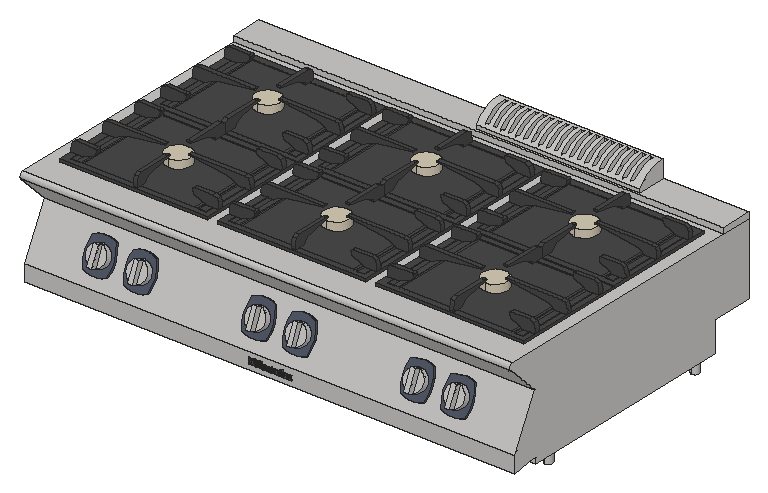
Revit family "QF_ELECTROLUXPROFESSIONAL_371170_E7GCGL6C0A", category Specialty Equipment, Revit 2018 (continued)
Automatic sketch dimensions
  plane 1 "BACK" to curve 41 = 6.761 mm
  plane 1 "BACK" to curve 51 = 6.761 mm
  plane 1 "BACK" to curve 37 = 6.761 mm
  plane 1 "BACK" to curve 55 = 6.761 mm
  plane 1 "BACK" to curve 33 = 6.761 mm
  plane 1 "BACK" to curve 59 = 6.761 mm
  plane 1 "BACK" to curve 29 = 6.761 mm
  plane 1 "BACK" to curve 63 = 6.761 mm
  plane 1 "BACK" to curve 25 = 6.761 mm
  plane 1 "BACK" to curve 67 = 6.761 mm
  plane 1 "BACK" to curve 21 = 6.761 mm
  plane 1 "BACK" to curve 71 = 6.761 mm
  plane 1 "BACK" to curve 17 = 6.761 mm
  plane 1 "BACK" to curve 75 = 6.761 mm
  plane 1 "BACK" to curve 13 = 6.761 mm
  plane 1 "BACK" to curve 79 = 6.761 mm
  plane 1 "BACK" to curve 89 = 6.761 mm
  plane 1 "BACK" to curve 83 = 6.761 mm
  curve 9 to plane 1 "BACK" = 150 mm
  Extrusion 1 to Extrusion 4 sketch curve = 100 mm
  plane 5 "FRONT" to curve 1 = 0.129 mm
  radius of Extrusion 4 sketch curve = 6.35 mm
  radius of Extrusion 7 sketch curve = 25.4 mm
  radius of Extrusion 8 sketch curve to Extrusion 7 = 0 mm  (x2)
  radius of Extrusion 10 sketch curve = 25.4 mm
  radius of Extrusion 11 sketch curve to Extrusion 10 = 0 mm  (x2)
  radius of Extrusion 14 sketch curve = 25.4 mm
  radius of Extrusion 15 sketch curve to Extrusion 14 = 0 mm  (x2)
  radius of Extrusion 17 sketch curve = 25.4 mm
  radius of Extrusion 18 sketch curve to Extrusion 17 = 0 mm  (x2)
  radius of Extrusion 20 sketch curve = 25.4 mm
  radius of Extrusion 21 sketch curve to Extrusion 20 = 0 mm  (x2)
  radius of Extrusion 23 sketch curve = 25.4 mm
  radius of Extrusion 24 sketch curve to Extrusion 23 = 0 mm  (x2)
Nested families
  nested 1: "371009_BURNER" at (24.358, -6.2, -576.213), type "371009_BURNER"
    with Type Mark "", Status "", Specification by User "", Revision Code "", Item Number "", Installed By "", Identify Quantity as Lot yes, Furnished By "", Foodservice Equipment Identifier yes
  nested 2: "371009_BURNER" at (24.358, -740.327, -576.213), type "371009_BURNER"
    with Type Mark "", Status "", Specification by User "", Revision Code "", Item Number "", Installed By "", Identify Quantity as Lot yes, Furnished By "", Foodservice Equipment Identifier yes
  nested 3: "371009_BURNER" at (412.5, -6.2, -576.213), type "371009_BURNER"
    with Type Mark "", Status "", Specification by User "", Revision Code "", Item Number "", Installed By "", Identify Quantity as Lot yes, Furnished By "", Foodservice Equipment Identifier yes
  nested 4: "371009_BURNER" at (412.5, -740.327, -576.213), type "371009_BURNER"
    with Type Mark "", Status "", Specification by User "", Revision Code "", Item Number "", Installed By "", Identify Quantity as Lot yes, Furnished By "", Foodservice Equipment Identifier yes
  nested 5: "371009_BURNER" at (1175.642, -6.2, -576.213) x (-1, 0, 0) z (0, 0, 1), type "371009_BURNER"
    with Type Mark "", Status "", Specification by User "", Revision Code "", Item Number "", Installed By "", Identify Quantity as Lot yes, Furnished By "", Foodservice Equipment Identifier yes
  nested 6: "371009_BURNER" at (1175.642, -740.327, -576.213) x (-1, 0, 0) z (0, 0, 1), type "371009_BURNER"
    with Type Mark "", Status "", Specification by User "", Revision Code "", Item Number "", Installed By "", Identify Quantity as Lot yes, Furnished By "", Foodservice Equipment Identifier yes
Connectors
  piping at (1100, -76.2, 60.325), diameter 12.8
    settings: on Extrusion 4, index 1, connector inside diameter 0.50394", connector length 0 mm, flow factor 0, pipe flow 0 GPM, pressure drop 0.00 psi, fitting loss kfactor 0, connector angle 0.00°, fixture units 0, engagement length 0 mm, angle of deflection 0.00°, flow configuration 1, flow direction 1, fitting loss method 0, system type 7, joint type 0, gender type 0, connector reference index -1, connector utility 0, adjustable connector no, is connector primary yes, connector description "Gas Inlet"
Definition of nested family "371009_BURNER"
  Parameters
    Weight in Pounds = 0
    URL Cutsheet = ""
    URL = "www.electrolux.com"
    Type Mark [instance] = ""
    Status [instance] = ""
    Specification by User [instance] = ""
    Specification by Manufacturer = ""
    Serial Number = ""
    Seismic Rating = ""
    SMACNA No = ""
    Revision Code [instance] = ""
    Omniclass Number and Title = ""
    NAFEM Spec ID Number = ""
    Model = "371009"
    Masterspec = ""
    Manufacturer = "ELECTROLUX"
    Item Number [instance] = ""
    Installed By [instance] = ""
    Identify Quantity as Lot [instance] = yes
    Furnished By [instance] = ""
    Foodservice Equipment Identifier [instance] = yes
    Description = ""
    CSI MasterFormat = ""
    CSI Master Format = ""
  Reference planes
    plane 1 "BACK": y = 0
    plane 2: z = 0
    plane 3 "LEFT": x = 0
    plane 4 "RIGHT": x = 800
    plane 5 "FRONT": y = -700
    plane 6 "TOP": z = 908.85
    plane 7 "Center Y": x = 400
    plane 8 "Center X": y = -350
    plane 9 "Base": z = 150
    plane 10: z = 850.85
  Forms (mm)
    Extrusion 1, solid
      sketch origin (0, -734.127, 5) x (1, 0, 0) y (0, 0, -1)
        loop
          arc (7.142, -850.85) -> (6.739, -862.989) -> (9.761, -874.752) r 42.809
          line (9.761, -874.752) -> (19.961, -879.425) -> (157.339, -879.425)
          arc (157.339, -879.425) -> (158.533, -878.312) -> (157.506, -877.043) r 1.197
          line (157.506, -877.043) -> (64.848, -864.021)
          arc (64.848, -864.021) -> (50.111, -858.738) -> (36.589, -850.85) r 85.245
          line (36.589, -850.85) -> (7.142, -850.85)
        loop
          line (367.858, -850.85) -> (338.411, -850.85)
          arc (338.411, -850.85) -> (324.889, -858.738) -> (310.152, -864.021) r 85.245
          line (310.152, -864.021) -> (217.494, -877.043)
          arc (217.494, -877.043) -> (216.467, -878.312) -> (217.661, -879.425) r 1.197
          line (217.661, -879.425) -> (355.039, -879.425) -> (365.239, -874.752)
          arc (365.239, -874.752) -> (368.261, -862.989) -> (367.858, -850.85) r 42.809
      from 224.564 to 234.564
    Extrusion 2, solid
      sketch origin (0, -734.127, 5) x (1, 0, 0) y (0, 0, -1)
        loop
          arc (7.056, -850.85) -> (6.705, -862.948) -> (9.748, -874.663) r 42.876
          line (9.748, -874.663) -> (19.961, -879.425) -> (65.851, -879.425)
          arc (65.851, -879.425) -> (68.577, -878.352) -> (69.841, -875.709) r 4
          arc (69.841, -875.709) -> (68.75, -869.25) -> (64.816, -864.012) r 13.87
          arc (64.816, -864.012) -> (50.096, -858.731) -> (36.589, -850.85) r 85.245
          line (36.589, -850.85) -> (7.056, -850.85)
        loop
          line (367.944, -850.85) -> (338.411, -850.85)
          arc (338.411, -850.85) -> (324.904, -858.731) -> (310.184, -864.012) r 85.245
          arc (310.184, -864.012) -> (306.25, -869.25) -> (305.159, -875.709) r 13.87
          arc (305.159, -875.709) -> (306.423, -878.352) -> (309.149, -879.425) r 4
          line (309.149, -879.425) -> (355.039, -879.425) -> (365.252, -874.663)
          arc (365.252, -874.663) -> (368.295, -862.948) -> (367.944, -850.85) r 42.876
      from 127.064 to 137.064
    Extrusion 3, solid
      sketch origin (0, -275, 5) x (1, 0, 0) y (0, 0, 1)
        loop
          arc (64.816, 864.012) -> (68.75, 869.25) -> (69.841, 875.709) r 13.87
          arc (69.841, 875.709) -> (68.577, 878.352) -> (65.851, 879.425) r 4
          line (65.851, 879.425) -> (19.961, 879.425) -> (9.748, 874.663)
          arc (9.748, 874.663) -> (6.705, 862.948) -> (7.056, 850.85) r 42.876
          line (7.056, 850.85) -> (36.589, 850.85)
          arc (36.589, 850.85) -> (50.096, 858.731) -> (64.816, 864.012) r 85.245
        loop
          arc (310.184, 864.012) -> (324.904, 858.731) -> (338.411, 850.85) r 85.245
          line (338.411, 850.85) -> (367.944, 850.85)
          arc (367.944, 850.85) -> (368.295, 862.948) -> (365.252, 874.663) r 42.876
          line (365.252, 874.663) -> (355.039, 879.425) -> (309.149, 879.425)
          arc (309.149, 879.425) -> (306.423, 878.352) -> (305.159, 875.709) r 4
          arc (305.159, 875.709) -> (306.25, 869.25) -> (310.184, 864.012) r 13.87
      from 127.064 to 137.064
    Extrusion 4, solid
      sketch origin (454.964, -29.48, 5) x (0, -1, 0) y (0, 0, 1)
        loop
          arc (366.649, 850.85) -> (375.927, 861.743) -> (389.337, 866.736) r 28.426
          line (389.337, 866.736) -> (441.256, 877.043)
          arc (441.256, 877.043) -> (442.283, 878.312) -> (441.089, 879.425) r 1.197
          line (441.089, 879.425) -> (347.797, 879.425)
          arc (347.797, 879.425) -> (343.211, 875.934) -> (337.583, 874.694) r 13.39
          line (337.583, 874.694) -> (337.583, 850.85) -> (366.649, 850.85)
        loop
          arc (606.236, 850.85) -> (606.587, 862.948) -> (603.543, 874.663) r 42.876
          line (603.543, 874.663) -> (593.33, 879.425) -> (509.077, 879.425)
          arc (509.077, 879.425) -> (507.883, 878.312) -> (508.911, 877.043) r 1.197
          line (508.911, 877.043) -> (560.83, 866.736)
          arc (560.83, 866.736) -> (574.239, 861.743) -> (583.518, 850.85) r 28.426
          line (583.518, 850.85) -> (606.236, 850.85)
      from 262.464 to 272.464
    Extrusion 5, solid
      sketch origin (0, 0, 850.85) x (0, -1, 0) y (1, 0, 0)
        loop
          line (642.216, 6.433) -> (642.216, 368.567) -> (367.857, 368.567) -> (367.857, 6.433) -> (642.216, 6.433)
        loop
          line (382.857, 21.433) -> (627.216, 21.433) -> (627.216, 353.567) -> (382.857, 353.567) -> (382.857, 21.433)
      from 0 to 5
    Extrusion 6, solid
      sketch origin (-12.5, 0, 855.85) x (0, -1, 0) y (1, 0, 0)
        loop
          circle (504.356, 200) r 30
      from -1.321 to 17.134
    Extrusion 7, solid
      sketch origin (0, -734.127, 0) x (1, 0, 0) y (0, 0, -1)
        loop
          line (21.433, -855.85) -> (36.589, -855.85)
          arc (36.589, -855.85) -> (40.561, -855.243) -> (44.305, -853.783) r 18.259
          arc (44.305, -853.783) -> (45.997, -853.366) -> (47.69, -853.783) r 3.649
          arc (47.69, -853.783) -> (49.901, -854.522) -> (52.232, -854.529) r 7.328
          line (52.232, -854.529) -> (322.768, -854.529)
          arc (322.768, -854.529) -> (325.099, -854.522) -> (327.31, -853.783) r 7.328
          arc (327.31, -853.783) -> (329.003, -853.366) -> (330.695, -853.783) r 3.649
          arc (330.695, -853.783) -> (334.439, -855.243) -> (338.411, -855.85) r 18.259
          line (338.411, -855.85) -> (353.567, -855.85) -> (353.567, -850.85) -> (21.433, -850.85) -> (21.433, -855.85)
      from 106.911 to 351.27
  Lines and regions (mm)
    symbolic lines
      curve 1: line (6.433, -642.216, 150) -> (368.567, -642.216, 150)
      curve 2: line (6.433, -367.857, 150) -> (6.433, -642.216, 150)
      curve 3: line (368.567, -367.857, 150) -> (192.5, -367.857, 150)
      curve 4: line (368.567, -642.216, 150) -> (368.567, -367.857, 150)
      curve 5: line (353.567, -382.857, 150) -> (192.5, -382.857, 150)
      curve 6: line (353.567, -627.216, 150) -> (353.567, -607.064, 150)
      curve 7: line (21.433, -627.216, 150) -> (182.5, -627.216, 150)
      curve 8: line (21.433, -382.857, 150) -> (21.433, -402.064, 150)
      curve 9: line (52.232, -627.216, 150) -> (52.232, -607.064, 150)
      curve 10: line (322.567, -382.857, 150) -> (322.567, -402.064, 150)
      curve 11: line (148.125, -499.564, 150) -> (148.125, -382.857, 150)
      curve 12: line (154.375, -382.857, 150) -> (154.375, -499.564, 150)
      curve 13: arc (148.297, -509.564, 150) -> (159.191, -533.254, 150) -> (182.5, -544.942, 150) r 39.375
      curve 14: arc (220.42, -509.564, 150) -> (211.39, -528.832, 150) -> (192.5, -538.631, 150) r 33.125
      curve 15: line (220.625, -382.857, 150) -> (220.625, -499.564, 150)
      curve 16: line (226.875, -499.564, 150) -> (226.875, -382.857, 150)
      curve 17: line (192.5, -636.339, 150) -> (192.5, -535.619, 150)
      curve 18: arc (182.657, -474.75, 150) -> (166.195, -483.236, 150) -> (157.853, -499.771, 150) r 30
      curve 19: arc (192.224, -533.982, 150) -> (208.621, -525.661, 150) -> (217.084, -509.337, 150) r 30
      curve 20: line (368.567, -597.064, 150) -> (305.159, -597.064, 150)
      curve 21: line (6.433, -607.064, 150) -> (69.841, -607.064, 150)
      curve 22: line (6.433, -509.564, 150) -> (156.429, -509.564, 150)
      curve 23: line (368.567, -499.564, 150) -> (218.571, -499.564, 150)
      curve 24: line (6.433, -412.064, 150) -> (69.841, -412.064, 150)
      curve 25: line (368.567, -402.064, 150) -> (305.159, -402.064, 150)
      curve 26: line (69.841, -597.064, 150) -> (6.433, -597.064, 150)
      curve 27: line (305.159, -607.064, 150) -> (368.567, -607.064, 150)
      curve 28: line (69.841, -402.064, 150) -> (6.433, -402.064, 150)
      curve 29: line (305.159, -412.064, 150) -> (368.567, -412.064, 150)
      curve 30: arc (69.841, -597.064, 150) -> (74.841, -602.064, 150) -> (69.841, -607.064, 150) r 5
      curve 31: arc (305.159, -607.064, 150) -> (300.159, -602.064, 150) -> (305.159, -597.064, 150) r 5
      curve 32: arc (69.841, -402.064, 150) -> (74.841, -407.064, 150) -> (69.841, -412.064, 150) r 5
      curve 33: arc (305.159, -412.064, 150) -> (300.159, -407.064, 150) -> (305.159, -402.064, 150) r 5
      curve 34: line (21.433, -412.064, 150) -> (21.433, -499.564, 150)
      curve 35: line (52.232, -402.064, 150) -> (52.232, -382.857, 150)
      curve 36: line (21.433, -509.564, 150) -> (21.433, -597.064, 150)
      curve 37: line (52.232, -499.564, 150) -> (52.232, -412.064, 150)
      curve 38: line (52.232, -597.064, 150) -> (52.232, -509.564, 150)
      curve 39: line (21.433, -607.064, 150) -> (21.433, -627.216, 150)
      curve 40: line (322.567, -607.064, 150) -> (322.567, -627.216, 150)
      curve 41: line (353.567, -597.064, 150) -> (353.567, -509.564, 150)
      curve 42: line (322.567, -509.564, 150) -> (322.567, -597.064, 150)
      curve 43: line (353.567, -499.564, 150) -> (353.567, -412.064, 150)
      curve 44: line (353.567, -402.064, 150) -> (353.567, -382.857, 150)
      curve 45: line (322.567, -412.064, 150) -> (322.567, -499.564, 150)
      curve 46: line (156.429, -499.564, 150) -> (6.433, -499.564, 150)
      curve 47: line (218.571, -509.564, 150) -> (368.567, -509.564, 150)
      curve 48: arc (218.571, -499.564, 150) -> (213.571, -504.564, 150) -> (218.571, -509.564, 150) r 5
      curve 49: arc (156.429, -499.564, 150) -> (161.429, -504.564, 150) -> (156.429, -509.564, 150) r 5
      curve 50: arc (157.916, -509.337, 150) -> (166.379, -525.661, 150) -> (182.776, -533.982, 150) r 30
      curve 51: arc (217.147, -499.771, 150) -> (208.805, -483.236, 150) -> (192.343, -474.75, 150) r 30
      curve 52: line (182.5, -535.619, 150) -> (182.5, -636.339, 150)
      curve 53: line (192.5, -473.508, 150) -> (192.5, -367.064, 150)
      curve 54: arc (192.5, -535.619, 150) -> (187.5, -530.619, 150) -> (182.5, -535.619, 150) r 5
      curve 55: arc (192.5, -473.508, 150) -> (187.5, -478.508, 150) -> (182.5, -473.508, 150) r 5
      curve 56: line (182.5, -367.857, 150) -> (6.433, -367.857, 150)
      curve 57: line (182.5, -382.857, 150) -> (21.433, -382.857, 150)
      curve 58: arc (192.5, -404.571, 150) -> (196.398, -417.071, 150) -> (192.5, -429.571, 150) r 21.993
      curve 59: arc (196.181, -420.148, 150) -> (199.482, -417.071, 150) -> (196.181, -413.995, 150) r 3.084
      curve 60: arc (182.5, -404.571, 150) -> (178.602, -417.071, 150) -> (182.5, -429.571, 150) r 21.993
      curve 61: arc (178.819, -420.148, 150) -> (175.518, -417.071, 150) -> (178.819, -413.995, 150) r 3.084
      curve 62: line (182.5, -367.064, 150) -> (182.5, -473.508, 150)
      curve 63: arc (182.5, -538.631, 150) -> (163.61, -528.832, 150) -> (154.58, -509.564, 150) r 33.125
      curve 64: arc (192.5, -544.942, 150) -> (215.809, -533.254, 150) -> (226.703, -509.564, 150) r 39.375
      curve 65: line (182.5, -636.339, 150) -> (192.5, -636.339, 150)
      curve 66: line (182.5, -377.277, 150) -> (192.5, -377.277, 150)
      curve 67: line (182.5, -367.064, 150) -> (192.5, -367.064, 150)
      curve 68: line (192.5, -627.216, 150) -> (353.567, -627.216, 150)
  Dimensions and locks
    equal spacing: plane 3 "LEFT", plane 7 "Center Y", plane 4 "RIGHT"
    plane 3 "LEFT" to plane 4 "RIGHT" = 800 mm
    equal spacing: plane 5 "FRONT", plane 8 "Center X", plane 1 "BACK"
    plane 5 "FRONT" to plane 1 "BACK" = 700 mm
    plane 6 "TOP" to level = 908.85 mm
    plane 9 "Base" to level = 150 mm
    plane 6 "TOP" to plane 10 = 58 mm  (x2)
    aligned and locked: level to plane 2
  Automatic sketch dimensions
    Extrusion 5 sketch curve to Extrusion 5 sketch curve = 15 mm  (x2)
    Extrusion 5 sketch curve to Extrusion 5 sketch curve = 332.134 mm
    plane 3 "LEFT" to Extrusion 2 sketch curve = 7.056 mm
    plane 3 "LEFT" to Extrusion 2 sketch curve = 9.748 mm
    Extrusion 2 sketch curve to Extrusion 2 sketch curve = 10.213 mm  (x2)
    plane 10 to Extrusion 2 sketch curve = 5 mm  (x2)
    Extrusion 2 sketch curve to Extrusion 2 sketch curve = 29.533 mm
    Extrusion 2 sketch curve to Extrusion 2 sketch curve = 12.72 mm  (x2)
    Extrusion 2 sketch curve to Extrusion 2 sketch curve = 6.697 mm
    Extrusion 2 sketch curve to Extrusion 2 sketch curve = 8.81 mm
    Extrusion 2 sketch curve to Extrusion 2 sketch curve = 9.845 mm  (x2)
    Extrusion 2 sketch curve to Extrusion 2 sketch curve = 3.99 mm  (x2)
    Extrusion 2 sketch curve to Extrusion 2 sketch curve = 0 mm  (x2)
    Extrusion 2 sketch curve to Extrusion 2 sketch curve = 36.813 mm
    Extrusion 2 sketch curve to plane 7 "Center Y" = 111.122 mm
    Extrusion 2 sketch curve to plane 6 "TOP" = 28.141 mm
    Extrusion 2 sketch curve to plane 7 "Center Y" = 94.841 mm
    Extrusion 2 sketch curve to Extrusion 2 sketch curve = 1.035 mm
    Extrusion 2 sketch curve to Extrusion 2 sketch curve = 15.507 mm
    Extrusion 2 sketch curve to Extrusion 2 sketch curve = 16.628 mm
    Extrusion 2 sketch curve to Extrusion 2 sketch curve = 2.692 mm
    Extrusion 2 sketch curve to plane 6 "TOP" = 24.425 mm
    Extrusion 2 sketch curve to Extrusion 2 sketch curve = 28.575 mm
    Extrusion 2 sketch curve to Extrusion 2 sketch curve = 3.716 mm
    Extrusion 2 sketch curve to Extrusion 2 sketch curve = 4.763 mm  (x2)
    plane 3 "LEFT" to Extrusion 1 sketch curve = 7.142 mm
    plane 3 "LEFT" to Extrusion 1 sketch curve = 9.761 mm
    Extrusion 1 sketch curve to Extrusion 1 sketch curve = 10.201 mm  (x2)
    plane 10 to Extrusion 1 sketch curve = 5 mm  (x2)
    Extrusion 1 sketch curve to Extrusion 1 sketch curve = 29.447 mm
    Extrusion 1 sketch curve to Extrusion 1 sketch curve = 12.704 mm  (x2)
    Extrusion 1 sketch curve to Extrusion 1 sketch curve = 15.555 mm  (x2)
    Extrusion 1 sketch curve to Extrusion 1 sketch curve = 36.829 mm
    Extrusion 1 sketch curve to plane 6 "TOP" = 24.425 mm  (x2)
    Extrusion 1 sketch curve to Extrusion 1 sketch curve = 92.491 mm
    Extrusion 1 sketch curve to plane 6 "TOP" = 26.807 mm  (x2)
    Extrusion 1 sketch curve to Extrusion 1 sketch curve = 0.167 mm  (x2)
    Extrusion 1 sketch curve to Extrusion 1 sketch curve = 59.988 mm
    Extrusion 1 sketch curve to plane 7 "Center Y" = 111.122 mm
    plane 10 to Extrusion 1 sketch curve = 18.171 mm
    Extrusion 1 sketch curve to Extrusion 1 sketch curve = 21.274 mm
    Extrusion 1 sketch curve to Extrusion 1 sketch curve = 16.628 mm
    Extrusion 1 sketch curve to Extrusion 1 sketch curve = 2.618 mm
    Extrusion 1 sketch curve to Extrusion 1 sketch curve = 4.673 mm  (x2)
    Extrusion 1 sketch curve to Extrusion 1 sketch curve = 5.694 mm
    plane 3 "LEFT" to Extrusion 3 sketch curve = 7.056 mm
    plane 3 "LEFT" to Extrusion 3 sketch curve = 9.748 mm
    Extrusion 3 sketch curve to Extrusion 3 sketch curve = 10.213 mm  (x2)
    plane 10 to Extrusion 3 sketch curve = 5 mm  (x2)
    Extrusion 3 sketch curve to Extrusion 3 sketch curve = 29.533 mm
    Extrusion 3 sketch curve to Extrusion 3 sketch curve = 12.72 mm  (x2)
    Extrusion 3 sketch curve to Extrusion 3 sketch curve = 6.697 mm
    Extrusion 3 sketch curve to Extrusion 3 sketch curve = 8.81 mm
    Extrusion 3 sketch curve to Extrusion 3 sketch curve = 9.845 mm  (x2)
    Extrusion 3 sketch curve to Extrusion 3 sketch curve = 3.99 mm  (x2)
    Extrusion 3 sketch curve to Extrusion 3 sketch curve = 0 mm  (x2)
    Extrusion 3 sketch curve to Extrusion 3 sketch curve = 36.813 mm
    Extrusion 3 sketch curve to plane 7 "Center Y" = 111.122 mm
    Extrusion 3 sketch curve to plane 6 "TOP" = 28.141 mm
    Extrusion 3 sketch curve to plane 7 "Center Y" = 94.841 mm
    Extrusion 3 sketch curve to Extrusion 3 sketch curve = 1.035 mm
    Extrusion 3 sketch curve to Extrusion 3 sketch curve = 15.507 mm
    Extrusion 3 sketch curve to Extrusion 3 sketch curve = 16.628 mm
    Extrusion 3 sketch curve to Extrusion 3 sketch curve = 2.692 mm
    Extrusion 3 sketch curve to plane 10 = 64.377 mm  (x2)
    plane 10 to Extrusion 3 sketch curve = 12.281 mm  (x2)
    Extrusion 3 sketch curve to Extrusion 3 sketch curve = 10.713 mm
    Extrusion 5 to Extrusion 6 sketch curve = 121.499 mm
    Extrusion 5 to Extrusion 6 sketch curve = 166.067 mm
    plane 3 "LEFT" to Extrusion 5 sketch curve = 21.433 mm
    Extrusion 5 sketch curve to plane 5 "FRONT" = 72.784 mm
    plane 3 "LEFT" to Extrusion 7 sketch curve = 21.433 mm
    Extrusion 7 sketch curve to Extrusion 7 sketch curve = 14.402 mm
    plane 10 to Extrusion 7 sketch curve = 5 mm
    plane 10 to Extrusion 7 sketch curve = 2.933 mm  (x4)
    Extrusion 7 sketch curve to Extrusion 7 sketch curve = 7.716 mm  (x2)
    Extrusion 7 sketch curve to Extrusion 7 sketch curve = 0 mm  (x2)
    Extrusion 7 sketch curve to Extrusion 7 sketch curve = 1.692 mm  (x2)
    Extrusion 7 sketch curve to Extrusion 7 sketch curve = 3.385 mm  (x2)
    Extrusion 7 sketch curve to plane 10 = 3.559 mm  (x2)
    Extrusion 7 sketch curve to Extrusion 7 sketch curve = 302.478 mm
    Extrusion 7 sketch curve to Extrusion 7 sketch curve = 15.253 mm
    Extrusion 7 sketch curve to Extrusion 7 sketch curve = 15.156 mm  (x2)
    Extrusion 7 sketch curve to Extrusion 7 sketch curve = 3.233 mm
    Extrusion 7 sketch curve to plane 10 = 0 mm
    Extrusion 7 sketch curve to plane 7 "Center Y" = 77.232 mm
    Extrusion 5 sketch curve to plane 8 "Center X" = 32.857 mm
    plane 3 "LEFT" to Extrusion 5 sketch curve = 6.433 mm
    plane 1 "BACK" to Extrusion 5 sketch curve = 367.857 mm
    plane 10 to Extrusion 4 sketch curve = 5 mm  (x2)
    Extrusion 4 sketch curve to Extrusion 4 sketch curve = 29.066 mm
    Extrusion 4 sketch curve to Extrusion 4 sketch curve = 22.688 mm
    Extrusion 4 sketch curve to plane 10 = 7.392 mm  (x2)
    Extrusion 4 sketch curve to Extrusion 4 sketch curve = 25.583 mm
    Extrusion 4 sketch curve to plane 6 "TOP" = 24.425 mm  (x2)
    Extrusion 4 sketch curve to Extrusion 4 sketch curve = 51.752 mm
    Extrusion 4 sketch curve to Extrusion 4 sketch curve = 0.167 mm  (x2)
    Extrusion 4 sketch curve to plane 6 "TOP" = 26.807 mm
    Extrusion 4 sketch curve to Extrusion 4 sketch curve = 67.655 mm
    Extrusion 4 sketch curve to Extrusion 4 sketch curve = 49.024 mm
    Extrusion 4 sketch curve to Extrusion 4 sketch curve = 2.895 mm
    Extrusion 4 sketch curve to Extrusion 4 sketch curve = 3.153 mm
    Extrusion 4 sketch curve to Extrusion 4 sketch curve = 19.535 mm
    Extrusion 4 sketch curve to Extrusion 4 sketch curve = 9.813 mm
    Extrusion 4 sketch curve to Extrusion 4 sketch curve = 10.213 mm
    Extrusion 4 sketch curve to Extrusion 4 sketch curve = 22.718 mm
    Extrusion 4 sketch curve to Extrusion 4 sketch curve = 8.605 mm
    Extrusion 4 sketch curve to Extrusion 4 sketch curve = 4.731 mm
    Extrusion 4 sketch curve to Extrusion 4 sketch curve = 2.382 mm
    Extrusion 4 sketch curve to Extrusion 4 sketch curve = 8.658 mm
    Extrusion 4 sketch curve to plane 8 "Center X" = 17.064 mm
    curve 13 to curve 14 = 0 mm  (x2)
    curve 13 to curve 63 = 0 mm  (x2)
    curve 13 to curve 64 = 0 mm  (x2)
    curve 18 to curve 19 = 0 mm  (x2)
    curve 18 to curve 50 = 0 mm  (x2)
    curve 18 to curve 51 = 0 mm  (x2)
    curve 25 to plane 7 "Center Y" = 31.433 mm
    curve 3 to curve 44 = 15 mm
    curve 43 to curve 44 = 0 mm
    curve 1 to curve 68 = 15 mm
    curve 41 to curve 43 = 0 mm
    curve 6 to curve 40 = 31 mm
    curve 41 to curve 42 = 31 mm
    curve 43 to curve 45 = 31 mm
    curve 10 to curve 45 = 0 mm
    curve 40 to curve 27 = 17.408 mm
    curve 45 to curve 29 = 17.408 mm
    curve 16 to curve 64 = 0.172 mm
    curve 16 to curve 15 = 6.25 mm
    curve 64 to curve 14 = 6.283 mm
    curve 15 to curve 23 = 2.054 mm
    curve 23 to curve 51 = 1.424 mm
    curve 47 to curve 19 = 1.487 mm
    curve 15 to curve 60 = 20.029 mm
    curve 60 to curve 59 = 4.198 mm
    curve 59 to curve 59 = 0.216 mm  (x2)
    curve 19 to curve 64 = 24.584 mm
    curve 55 to curve 51 = 0.157 mm
    curve 54 to curve 19 = 0.276 mm
    curve 19 to curve 64 = 4.724 mm
    curve 18 to curve 13 = 0 mm
    curve 54 to curve 54 = 5 mm
    curve 50 to curve 54 = 0.276 mm
    curve 18 to curve 55 = 0.157 mm
    curve 60 to curve 61 = 3.681 mm
    curve 61 to curve 61 = 0 mm
    curve 61 to curve 61 = 0.216 mm
    curve 61 to curve 58 = 4.198 mm
    curve 13 to curve 50 = 29.584 mm
    curve 50 to curve 18 = 0.064 mm
    curve 50 to curve 22 = 1.487 mm
    curve 22 to curve 63 = 1.849 mm
    curve 49 to curve 12 = 2.054 mm
    curve 63 to curve 13 = 6.283 mm
    curve 12 to curve 11 = 6.25 mm
    plane 3 "LEFT" to curve 30 = 69.841 mm
    plane 3 "LEFT" to curve 28 = 69.841 mm
    plane 3 "LEFT" to curve 38 = 52.232 mm
    curve 24 to curve 37 = 17.609 mm
    curve 9 to curve 38 = 0 mm
    curve 28 to curve 35 = 17.609 mm
    plane 3 "LEFT" to curve 39 = 21.433 mm
    plane 3 "LEFT" to curve 8 = 21.433 mm
    curve 34 to curve 8 = 0 mm
    curve 36 to curve 34 = 0 mm
    plane 3 "LEFT" to curve 21 = 6.433 mm
    curve 67 to curve 56 = 0.794 mm
    curve 67 to curve 3 = 0.794 mm
    curve 56 to curve 66 = 9.419 mm
    curve 10 to curve 33 = 19.206 mm
    curve 8 to curve 8 = 19.206 mm
    curve 57 to curve 60 = 21.714 mm
    curve 60 to curve 58 = 0 mm
    curve 28 to curve 32 = 5 mm
    curve 33 to curve 33 = 5 mm
    curve 58 to curve 59 = 9.423 mm
    curve 61 to curve 58 = 3.077 mm
    curve 60 to curve 62 = 43.937 mm
    curve 51 to curve 15 = 24.814 mm
    curve 23 to curve 51 = 0.207 mm
    curve 18 to curve 13 = 1.529 mm
    curve 38 to curve 38 = 87.5 mm
    curve 42 to curve 31 = 87.5 mm
    curve 26 to curve 30 = 5 mm
    curve 31 to curve 31 = 5 mm
    curve 9 to curve 9 = 20.152 mm
    curve 65 to plane 5 "FRONT" = 63.661 mm
    curve 6 to curve 4 = 15 mm
    curve 55 to curve 55 = 5 mm
    curve 53 to curve 18 = 5 mm
    curve 45 to curve 16 = 95.692 mm
    curve 2 to curve 57 = 15 mm
    curve 10 to plane 8 "Center X" = 32.857 mm
    curve 57 to plane 8 "Center X" = 32.857 mm
    curve 6 to curve 68 = 20.152 mm
    radius of Extrusion 6 sketch curve = 30 mm
